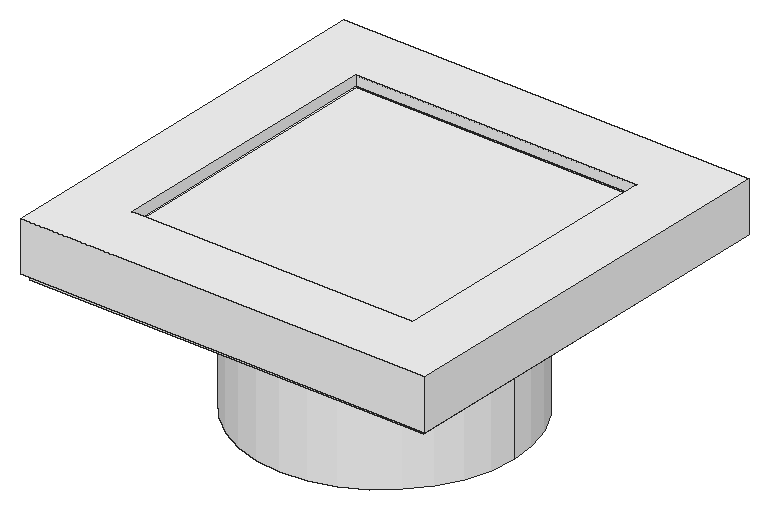
Revit family "Gira_014003", category Electrical Fixtures, host Face, Revit 2017
Family settings
  Host = Face
  Maintain Annotation Orientation = Yes
  Round Connector Dimension = Use Diameter
  Part Type = Normal
  Cut with Voids When Loaded = No
  Shared = No
  Room Calculation Point = No
Parameters (values of type "Hotel-Card-Taster Wechsler (bel.) BSF System 55 Reinweiß")
  Zusammenstellung = "Basiselement mit zentraler Abdeckplatte"
  White [instance] = White
  Werkstoffgüte = "sonstige"
  Werkstoff = "sonstige"
  URL = "http://katalog.gira.de/de_DE/datenblatt.html?artikelnr=014003"
  Transparent = "No"
  Textfeld/Beschriftungsfläche = "Yes"
  Rückmeldekontakt = "No"
  Region = "DE"
  RAL-Nummer (ähnlich) = "9010 "
  Oberfläche = "sonstige"
  Nennspannung = "250 Volt"
  Name = "Hotel-Card-Taster Wechsler (bel.) BSF System 55 Reinweiß"
  Montageart = "unter Putz"
  Model = "Sys55_Komplettgerät_Schalten und Tasten"
  Mit Beleuchtung = "No"
  Manufacturer URL = "https://www.gira.de/"
  Kontakte = "1 Wechsler"
  HeinzeBIM = "https://bimportal.heinze.de/bim/hotel-card-taster-wechsler-bel-bsf-system-55-reinweiss/27b140e612e9e622401371ac0545f10a3e36a96b"
  Halogenfrei = "Yes"
  HAN = "014003"
  Geeignet für Schutzart (IP) = "IP20"
  GTIN = "4010337140030"
  Farbe = "weiß"
  Default Elevation = 1219.2 mm
  Data sheet (1) = "https://katalog.gira.de/de_DE/download.html?artikelnr=014003"
  Category = "Taster"
  Bemessungsstrom = "10 Ampere"
  Befestigungsart = "Krallen-/Schraubbefestigung"
  Bedienungsart = "Hotelcard"
  Available = "Yes"
  Ausführung der Oberfläche = "glänzend"
  Ausführung = "Einzeltaster"
  Aufdruck = "ohne"
  Anzahl der Betätigungswippen = "1 "
Reference planes
  plane 1 "Center (Front/Back)": y = 0
  plane 2: z = 0
  plane 3 "Center (Left/Right)": x = 0
Forms (mm)
  Extrusion 1, solid, material "White" <- "White", detail levels medium
    sketch origin (0, 0, 0) x (1, 0, 0) y (0, 1, 0)
      loop
        line (-40.4, 40.4) -> (-40.4, -40.4) -> (40.4, -40.4) -> (40.4, 40.4) -> (-40.4, 40.4)
      loop
        line (-28, 28) -> (-28, -28) -> (28, -28) -> (28, 28) -> (-28, 28)
    from 0 to 10
  Extrusion 2, solid, material "White" <- "White", detail levels fine
    sketch origin (0, 0, 0) x (1, 0, 0) y (0, 1, 0)
      loop
        line (-40.4, 40.4) -> (-40.4, -40.4) -> (40.4, -40.4) -> (40.4, 40.4) -> (-40.4, 40.4)
      loop
        line (-28, 28) -> (-28, -28) -> (28, -28) -> (28, 28) -> (-28, 28)
    from 0 to 10
  Extrusion 3, void
    sketch origin (0, 0, 0) x (1, 0, 0) y (0, 1, 0)
      loop
        line (-38.4, 38.4) -> (-38.4, -38.4) -> (38.4, -38.4) -> (38.4, 38.4) -> (-38.4, 38.4)
    from 0 to 8
  Extrusion 4, solid, material "White" <- "White", detail levels medium+fine
    sketch origin (0, 0, 0) x (1, 0, 0) y (0, 1, 0)
      loop
        line (-39.4, 39.4) -> (-39.4, -39.4) -> (39.4, -39.4) -> (39.4, 39.4) -> (-39.4, 39.4)
    from 0 to -1
  Extrusion 5, solid, material "White" <- "White", detail levels medium+fine
    sketch origin (0, 0, 0) x (1, 0, 0) y (0, 1, 0)
      loop
        line (-35.5, 35.5) -> (-35.5, -35.5) -> (35.5, -35.5) -> (35.5, 35.5) -> (-35.5, 35.5)
    from -2 to -3
  Extrusion 6, solid, material "White" <- "White", detail levels medium+fine
    sketch origin (0, 0, 0) x (1, 0, 0) y (0, 1, 0)
      loop
        circle (0, 0) r 26
    from 0 to -27.5
  Extrusion 7, solid, material "White" <- "White", detail levels coarse
    sketch origin (0, 0, 0) x (1, 0, 0) y (0, 1, 0)
      loop
        line (-40.4, 40.4) -> (-40.4, -40.4) -> (40.4, -40.4) -> (40.4, 40.4) -> (-40.4, 40.4)
    from -27.5 to 10
Cuts and joins
  Extrusion 3 cuts Extrusion 2
Dimensions and locks
  aligned and locked: plane 2 to host face
  aligned and locked: level to host face
  aligned and locked: plane 3 "Center (Left/Right)" to nested 2
  aligned and locked: plane 1 "Center (Front/Back)" to nested 2
Nested families
  nested 1: "Sys55_Abdeckung_Schalten und Tasten_floor_base" at (0, 0, 0), type "Sys55_Abdeckung_Schalten und Tasten_floor_base"
  nested 2: "Schalter" at (0, 0, 0), type "Schalter"
Connectors
  electrical at (0, 0, -27.5)
    settings: on Extrusion 6, index 1, voltage 220 V, apparent load 0 VA, apparent load phase1 0 VA, apparent load phase2 0 VA, apparent load phase3 0 VA, power factor 1, load classification "Other", number of poles 1, system type 30, power factor state 1, is connector primary yes, connector utility no, sub classification motor no, connector description ""
Definition of nested family "Sys55_Abdeckung_Schalten und Tasten_floor_base"
  Parameters
    Default Elevation = 1219.2 mm
    White [instance] = none
  Reference planes
    plane 1 "Center (Front/Back)": y = 0
    plane 2: z = 0
    plane 3 "Center (Left/Right)": x = 0
  Forms (mm)
    Extrusion 1, solid
      sketch origin (0, 0, 0) x (1, 0, 0) y (0, 1, 0)
        loop
          line (-1219.2, 1219.2) -> (-1219.2, -1219.2) -> (1219.2, -1219.2) -> (1219.2, 1219.2) -> (-1219.2, 1219.2)
      from 0 to -304.8
    Extrusion 2, solid, material <- "White", detail levels fine
      sketch origin (0, 0, 0) x (1, 0, 0) y (0, 1, 0)
        loop
          line (-27.5, 27.5) -> (-27.5, -27.5) -> (27.5, -27.5) -> (27.5, 27.5) -> (-27.5, 27.5)
      from 0 to 8
    Extrusion 3, void
      sketch origin (0, 0, 0) x (1, 0, 0) y (0, 1, 0)
        loop
          line (26, 26) -> (-26, 26) -> (-26, -26) -> (26, -26) -> (26, 26)
      from 0 to 6
    Extrusion 4, solid, material <- "White", detail levels medium
      sketch origin (0, 0, 0) x (1, 0, 0) y (0, 1, 0)
        loop
          line (-27.5, 27.5) -> (-27.5, -27.5) -> (27.5, -27.5) -> (27.5, 27.5) -> (-27.5, 27.5)
      from 0 to 8
    Extrusion 5, solid, material <- "White", detail levels medium
      sketch origin (0, 0, 0) x (1, 0, 0) y (0, 1, 0)
        loop
          line (11, -17.5) -> (11, 17.5) -> (-11, 17.5) -> (-11, -17.5) -> (11, -17.5)
      from -6 to 6
    Extrusion 6, solid, material <- "White", detail levels fine
      sketch origin (0, 0, 0) x (1, 0, 0) y (0, 1, 0)
        loop
          line (11, 17.5) -> (-11, 17.5) -> (-11, 16.5) -> (11, 16.5) -> (11, 17.5)
        loop
          line (-11, -16.5) -> (-11, -17.5) -> (11, -17.5) -> (11, -16.5) -> (-11, -16.5)
      from -4 to 6
    Extrusion 7, solid, material <- "White", detail levels fine
      sketch origin (0, 0, 0) x (1, 0, 0) y (0, 1, 0)
        loop
          arc (5, 9.347) -> (0, 10.6) -> (-5, 9.347) r 10.6
          line (-5, 9.347) -> (-5, -9.347)
          arc (-5, -9.347) -> (0, -10.6) -> (5, -9.347) r 10.6
          line (5, -9.347) -> (5, 9.347)
      from -6 to 6
    Extrusion 8, solid, material <- "White", detail levels coarse
      sketch origin (0, 0, 0) x (1, 0, 0) y (0, 1, 0)
        loop
          line (-27.5, 27.5) -> (-27.5, -27.5) -> (27.5, -27.5) -> (27.5, 27.5) -> (-27.5, 27.5)
      from -6 to 8
  Cuts and joins
    Extrusion 3 cuts Extrusion 2
  Dimensions and locks
    aligned and locked: plane 2 to Extrusion 1
    aligned and locked: level to Extrusion 1
Definition of nested family "Schalter"
  Reference planes
    plane 1: y = 0
    plane 2: x = 0
  Lines and regions (mm)
    detail lines
      curve 1: circle (1.375, 2.778, 0) r 0.8 normal (0, 0, 1)
      curve 2: line (1.021, 2.061, 0) -> (0, 0, 0)
      curve 3: line (0, 0, 0) -> (-0.538, 0.266, 0)
  Dimensions and locks
    curve 2 to curve 2 = 2.3 mm
    curve 3 to curve 2 = 0.6 mm
    radius of curve 1 = 0.8 mm
